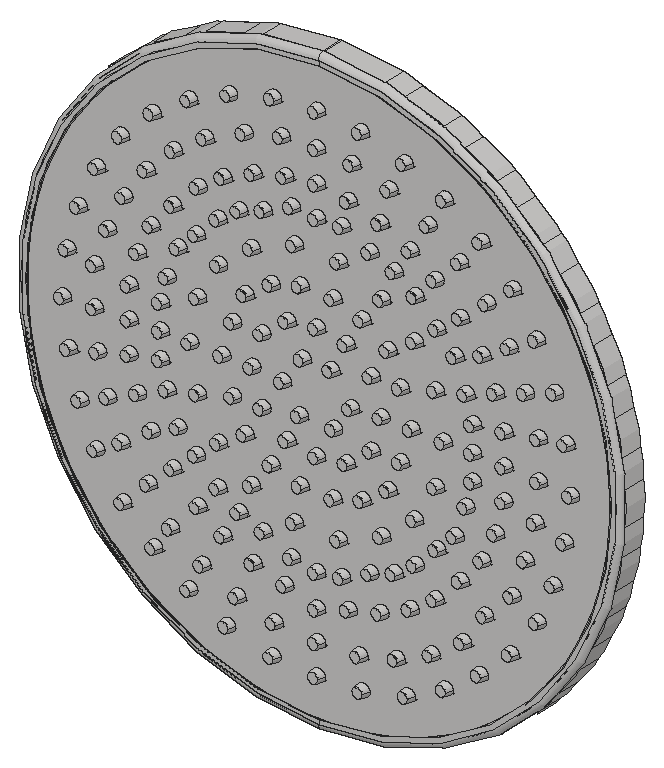
Revit family "51258-bim", category Plumbing Fixtures, host Face, Revit 2014 (continued)
Forms (in)
  Blend 149, solid, material "Metal - Delta - Stainless-Steel" <- "Faucet Material"
    top sketch origin (-1.04891, 0, -3.27898) x (1, 0, 0) y (0, 0, 1)
      loop
        circle (-0.85469, 10.74571) r 0.09774
    from 0.91543 to 1.14378
  Blend 150, solid, material "Metal - Delta - Stainless-Steel" <- "Faucet Material"
    base sketch origin (-1.45963, 0, -3.98996) x (1, 0, 0) y (0, 0, 1)
      loop
        circle (-0.85469, 10.74571) r 0.14299
    top sketch origin (-1.45963, 0, -3.98996) x (1, 0, 0) y (0, 0, 1)
      loop
        circle (-0.85469, 10.74571) r 0.09774
    from 0.91543 to 1.14378
  Blend 151, solid, material "Metal - Delta - Stainless-Steel" <- "Faucet Material"
    base sketch origin (-1.60774, 0, -4.82993) x (1, 0, 0) y (0, 0, 1)
      loop
        circle (-0.85469, 10.74571) r 0.14299
    top sketch origin (-1.60774, 0, -4.82993) x (1, 0, 0) y (0, 0, 1)
      loop
        circle (-0.85469, 10.74571) r 0.09774
    from 0.91543 to 1.14378
  Blend 152, solid, material "Metal - Delta - Stainless-Steel" <- "Faucet Material"
    base sketch origin (-0.98661, 0, -4.82993) x (1, 0, 0) y (0, 0, 1)
      loop
        circle (-0.85469, 10.74571) r 0.14299
    top sketch origin (-0.98661, 0, -4.82993) x (1, 0, 0) y (0, 0, 1)
      loop
        circle (-0.85469, 10.74571) r 0.09774
    from 0.91543 to 1.14378
  Blend 153, solid, material "Metal - Delta - Stainless-Steel" <- "Faucet Material"
    base sketch origin (-0.4017, 0, -4.82993) x (1, 0, 0) y (0, 0, 1)
      loop
        circle (-0.85469, 10.74571) r 0.14299
    top sketch origin (-0.4017, 0, -4.82993) x (1, 0, 0) y (0, 0, 1)
      loop
        circle (-0.85469, 10.74571) r 0.09774
    from 0.91543 to 1.14378
  Blend 154, solid, material "Metal - Delta - Stainless-Steel" <- "Faucet Material"
    base sketch origin (-0.7767, 0, -4.18041) x (1, 0, 0) y (0, 0, 1)
      loop
        circle (-0.85469, 10.74571) r 0.14299
    top sketch origin (-0.7767, 0, -4.18041) x (1, 0, 0) y (0, 0, 1)
      loop
        circle (-0.85469, 10.74571) r 0.09774
    from 0.91543 to 1.14378
  Blend 155, solid, material "Metal - Delta - Stainless-Steel" <- "Faucet Material"
    base sketch origin (-0.20673, 0, -4.18041) x (1, 0, 0) y (0, 0, 1)
      loop
        circle (-0.85469, 10.74571) r 0.14299
    top sketch origin (-0.20673, 0, -4.18041) x (1, 0, 0) y (0, 0, 1)
      loop
        circle (-0.85469, 10.74571) r 0.09774
    from 0.91543 to 1.14378
  Blend 156, solid, material "Metal - Delta - Stainless-Steel" <- "Faucet Material"
    base sketch origin (-0.53593, 0, -3.61022) x (1, 0, 0) y (0, 0, 1)
      loop
        circle (-0.85469, 10.74571) r 0.14299
    top sketch origin (-0.53593, 0, -3.61022) x (1, 0, 0) y (0, 0, 1)
      loop
        circle (-0.85469, 10.74571) r 0.09774
    from 0.91543 to 1.14378
  Blend 157, solid, material "Metal - Delta - Stainless-Steel" <- "Faucet Material"
    base sketch origin (-0.02962, 0, -3.2557) x (1, 0, 0) y (0, 0, 1)
      loop
        circle (-0.85469, 10.74571) r 0.14299
    top sketch origin (-0.02962, 0, -3.2557) x (1, 0, 0) y (0, 0, 1)
      loop
        circle (-0.85469, 10.74571) r 0.09774
    from 0.91543 to 1.14378
  Blend 158, solid, material "Metal - Delta - Stainless-Steel" <- "Faucet Material"
    base sketch origin (0.27941, 0, -3.79096) x (1, 0, 0) y (0, 0, 1)
      loop
        circle (-0.85469, 10.74571) r 0.14299
    top sketch origin (0.27941, 0, -3.79096) x (1, 0, 0) y (0, 0, 1)
      loop
        circle (-0.85469, 10.74571) r 0.09774
    from 0.91543 to 1.14378
  Blend 159, solid, material "Metal - Delta - Stainless-Steel" <- "Faucet Material"
    base sketch origin (0.53593, 0, -3.08619) x (1, 0, 0) y (0, 0, 1)
      loop
        circle (-0.85469, 10.74571) r 0.14299
    top sketch origin (0.53593, 0, -3.08619) x (1, 0, 0) y (0, 0, 1)
      loop
        circle (-0.85469, 10.74571) r 0.09774
    from 0.91543 to 1.14378
  Blend 160, solid, material "Metal - Delta - Stainless-Steel" <- "Faucet Material"
    base sketch origin (0.85469, 0, -3.70729) x (1, 0, 0) y (0, 0, 1)
      loop
        circle (-0.85469, 10.74571) r 0.14299
    top sketch origin (0.85469, 0, -3.70729) x (1, 0, 0) y (0, 0, 1)
      loop
        circle (-0.85469, 10.74571) r 0.09774
    from 0.91543 to 1.14378
  Blend 161, solid, material "Metal - Delta - Stainless-Steel" <- "Faucet Material"
    base sketch origin (0.42314, 0, 14.24067) x (1, 0, 0) y (0, 0, 1)
      loop
        circle (-0.85469, -10.74571) r 0.14299
    top sketch origin (0.42314, 0, 14.24067) x (1, 0, 0) y (0, 0, 1)
      loop
        circle (-0.85469, -10.74571) r 0.09774
    from 0.91543 to 1.14378
  Blend 162, solid, material "Metal - Delta - Stainless-Steel" <- "Faucet Material"
    base sketch origin (-0.41301, 0, 14.5956) x (1, 0, 0) y (0, 0, 1)
      loop
        circle (-0.85469, -10.74571) r 0.14299
    top sketch origin (-0.41301, 0, 14.5956) x (1, 0, 0) y (0, 0, 1)
      loop
        circle (-0.85469, -10.74571) r 0.09774
    from 0.91543 to 1.14378
  Blend 163, solid, material "Metal - Delta - Stainless-Steel" <- "Faucet Material"
    base sketch origin (-1.04891, 0, 15.11054) x (1, 0, 0) y (0, 0, 1)
      loop
        circle (-0.85469, -10.74571) r 0.14299
    top sketch origin (-1.04891, 0, 15.11054) x (1, 0, 0) y (0, 0, 1)
      loop
        circle (-0.85469, -10.74571) r 0.09774
    from 0.91543 to 1.14378
  Blend 164, solid, material "Metal - Delta - Stainless-Steel" <- "Faucet Material"
    base sketch origin (-1.45963, 0, 15.82152) x (1, 0, 0) y (0, 0, 1)
      loop
        circle (-0.85469, -10.74571) r 0.14299
    top sketch origin (-1.45963, 0, 15.82152) x (1, 0, 0) y (0, 0, 1)
      loop
        circle (-0.85469, -10.74571) r 0.09774
    from 0.91543 to 1.14378
  Blend 165, solid, material "Metal - Delta - Stainless-Steel" <- "Faucet Material"
    base sketch origin (-0.7767, 0, 16.01197) x (1, 0, 0) y (0, 0, 1)
      loop
        circle (-0.85469, -10.74571) r 0.14299
    top sketch origin (-0.7767, 0, 16.01197) x (1, 0, 0) y (0, 0, 1)
      loop
        circle (-0.85469, -10.74571) r 0.09774
    from 0.91543 to 1.14378
  Blend 166, solid, material "Metal - Delta - Stainless-Steel" <- "Faucet Material"
    base sketch origin (-0.20673, 0, 16.01197) x (1, 0, 0) y (0, 0, 1)
      loop
        circle (-0.85469, -10.74571) r 0.14299
    top sketch origin (-0.20673, 0, 16.01197) x (1, 0, 0) y (0, 0, 1)
      loop
        circle (-0.85469, -10.74571) r 0.09774
    from 0.91543 to 1.14378
  Blend 167, solid, material "Metal - Delta - Stainless-Steel" <- "Faucet Material"
    base sketch origin (-0.53593, 0, 15.44178) x (1, 0, 0) y (0, 0, 1)
      loop
        circle (-0.85469, -10.74571) r 0.14299
    top sketch origin (-0.53593, 0, 15.44178) x (1, 0, 0) y (0, 0, 1)
      loop
        circle (-0.85469, -10.74571) r 0.09774
    from 0.91543 to 1.14378
  Blend 168, solid, material "Metal - Delta - Stainless-Steel" <- "Faucet Material"
    base sketch origin (-0.02962, 0, 15.08726) x (1, 0, 0) y (0, 0, 1)
      loop
        circle (-0.85469, -10.74571) r 0.14299
    top sketch origin (-0.02962, 0, 15.08726) x (1, 0, 0) y (0, 0, 1)
      loop
        circle (-0.85469, -10.74571) r 0.09774
    from 0.91543 to 1.14378
  Blend 169, solid, material "Metal - Delta - Stainless-Steel" <- "Faucet Material"
    base sketch origin (0.27941, 0, 15.62252) x (1, 0, 0) y (0, 0, 1)
      loop
        circle (-0.85469, -10.74571) r 0.14299
    top sketch origin (0.27941, 0, 15.62252) x (1, 0, 0) y (0, 0, 1)
      loop
        circle (-0.85469, -10.74571) r 0.09774
    from 0.91543 to 1.14378
  Blend 170, solid, material "Metal - Delta - Stainless-Steel" <- "Faucet Material"
    base sketch origin (0.53593, 0, 14.91776) x (1, 0, 0) y (0, 0, 1)
      loop
        circle (-0.85469, -10.74571) r 0.14299
    top sketch origin (0.53593, 0, 14.91776) x (1, 0, 0) y (0, 0, 1)
      loop
        circle (-0.85469, -10.74571) r 0.09774
    from 0.91543 to 1.14378
  Blend 171, solid, material "Metal - Delta - Stainless-Steel" <- "Faucet Material"
    base sketch origin (0.85469, 0, 15.53885) x (1, 0, 0) y (0, 0, 1)
      loop
        circle (-0.85469, -10.74571) r 0.14299
    top sketch origin (0.85469, 0, 15.53885) x (1, 0, 0) y (0, 0, 1)
      loop
        circle (-0.85469, -10.74571) r 0.09774
    from 0.91543 to 1.14378
  Revolve 172, solid, material "Metal - Delta - Stainless-Steel" <- "Faucet Material"
    sketch origin (0, 0, 0) x (0, 1, 0) y (0, 0, -1)
      loop
        line (-0.45086, -11.78051) -> (-0.45086, -11.72105) -> (-0.88741, -11.72105)
        arc (-0.88741, -11.72105) -> (-0.92671, -11.70477) -> (-0.94299, -11.66546) r 0.05558
        line (-0.94299, -11.66546) -> (-0.94299, -11.57038) -> (-1.00205, -11.57038) -> (-1.00205, -11.66141)
        arc (-1.00205, -11.66141) -> (-0.96716, -11.74563) -> (-0.88294, -11.78051) r 0.1191
        line (-0.88294, -11.78051) -> (-0.45086, -11.78051)
      loop
        line (-0.42566, -6.62303) -> (0.30908, -6.62303)
        arc (0.30908, -6.62303) -> (0.32905, -6.61476) -> (0.33732, -6.59478) r 0.02825
        line (0.33732, -6.59478) -> (0.33732, -6.27476)
        arc (0.33732, -6.27476) -> (0.37524, -6.24811) -> (0.40877, -6.21611) r 0.31046
        line (0.40877, -6.21611) -> (0.51843, -6.21611) -> (0.51843, -6.28441)
        arc (0.51843, -6.28441) -> (0.53452, -6.32327) -> (0.57338, -6.33936) r 0.05495
        line (0.57338, -6.33936) -> (1.20376, -6.33936)
        arc (1.20376, -6.33936) -> (1.22026, -6.33253) -> (1.22709, -6.31603) r 0.02333
        line (1.22709, -6.31603) -> (1.22709, -6.03268) -> (0.57614, -6.03268) -> (0.57614, -5.875) -> (-0.42566, -5.875) -> (-0.42566, -6.62303)
      axis (-1.00205, -5.875) -> (1.22709, -5.875)
    angle from 0 to 360
  Blend 173, solid, material "Metal - Delta - Stainless-Steel" <- "Faucet Material"
    base sketch origin (-0.42314, 0, -2.40911) x (-1, 0, 0) y (0, 0, -1)
      loop
        circle (-0.85469, -10.74571) r 0.14299
    top sketch origin (-0.42314, 0, -2.40911) x (-1, 0, 0) y (0, 0, -1)
      loop
        circle (-0.85469, -10.74571) r 0.09774
    from 0.91543 to 1.14378
  Blend 174, solid, material "Metal - Delta - Stainless-Steel" <- "Faucet Material"
    base sketch origin (0.41301, 0, -2.76404) x (-1, 0, 0) y (0, 0, -1)
      loop
        circle (-0.85469, -10.74571) r 0.14299
    top sketch origin (0.41301, 0, -2.76404) x (-1, 0, 0) y (0, 0, -1)
      loop
        circle (-0.85469, -10.74571) r 0.09774
    from 0.91543 to 1.14378
  Blend 175, solid, material "Metal - Delta - Stainless-Steel" <- "Faucet Material"
    base sketch origin (1.04891, 0, -3.27898) x (-1, 0, 0) y (0, 0, -1)
      loop
        circle (-0.85469, -10.74571) r 0.14299
    top sketch origin (1.04891, 0, -3.27898) x (-1, 0, 0) y (0, 0, -1)
      loop
        circle (-0.85469, -10.74571) r 0.09774
    from 0.91543 to 1.14378
  Blend 176, solid, material "Metal - Delta - Stainless-Steel" <- "Faucet Material"
    base sketch origin (1.45963, 0, -3.98996) x (-1, 0, 0) y (0, 0, -1)
      loop
        circle (-0.85469, -10.74571) r 0.14299
    top sketch origin (1.45963, 0, -3.98996) x (-1, 0, 0) y (0, 0, -1)
      loop
        circle (-0.85469, -10.74571) r 0.09774
    from 0.91543 to 1.14378
  Blend 177, solid, material "Metal - Delta - Stainless-Steel" <- "Faucet Material"
    base sketch origin (1.60774, 0, -4.82993) x (-1, 0, 0) y (0, 0, -1)
      loop
        circle (-0.85469, -10.74571) r 0.14299
    top sketch origin (1.60774, 0, -4.82993) x (-1, 0, 0) y (0, 0, -1)
      loop
        circle (-0.85469, -10.74571) r 0.09774
    from 0.91543 to 1.14378
  Blend 178, solid, material "Metal - Delta - Stainless-Steel" <- "Faucet Material"
    base sketch origin (0.98661, 0, -4.82993) x (-1, 0, 0) y (0, 0, -1)
      loop
        circle (-0.85469, -10.74571) r 0.14299
    top sketch origin (0.98661, 0, -4.82993) x (-1, 0, 0) y (0, 0, -1)
      loop
        circle (-0.85469, -10.74571) r 0.09774
    from 0.91543 to 1.14378
  Blend 179, solid, material "Metal - Delta - Stainless-Steel" <- "Faucet Material"
    base sketch origin (0.4017, 0, -4.82993) x (-1, 0, 0) y (0, 0, -1)
      loop
        circle (-0.85469, -10.74571) r 0.14299
    top sketch origin (0.4017, 0, -4.82993) x (-1, 0, 0) y (0, 0, -1)
      loop
        circle (-0.85469, -10.74571) r 0.09774
    from 0.91543 to 1.14378
  Blend 180, solid, material "Metal - Delta - Stainless-Steel" <- "Faucet Material"
    base sketch origin (0.7767, 0, -4.18041) x (-1, 0, 0) y (0, 0, -1)
      loop
        circle (-0.85469, -10.74571) r 0.14299
    top sketch origin (0.7767, 0, -4.18041) x (-1, 0, 0) y (0, 0, -1)
      loop
        circle (-0.85469, -10.74571) r 0.09774
    from 0.91543 to 1.14378
  Blend 181, solid, material "Metal - Delta - Stainless-Steel" <- "Faucet Material"
    base sketch origin (0.20673, 0, -4.18041) x (-1, 0, 0) y (0, 0, -1)
      loop
        circle (-0.85469, -10.74571) r 0.14299
    top sketch origin (0.20673, 0, -4.18041) x (-1, 0, 0) y (0, 0, -1)
      loop
        circle (-0.85469, -10.74571) r 0.09774
    from 0.91543 to 1.14378
  Blend 182, solid, material "Metal - Delta - Stainless-Steel" <- "Faucet Material"
    base sketch origin (0.53593, 0, -3.61022) x (-1, 0, 0) y (0, 0, -1)
      loop
        circle (-0.85469, -10.74571) r 0.14299
    top sketch origin (0.53593, 0, -3.61022) x (-1, 0, 0) y (0, 0, -1)
      loop
        circle (-0.85469, -10.74571) r 0.09774
    from 0.91543 to 1.14378
  Blend 183, solid, material "Metal - Delta - Stainless-Steel" <- "Faucet Material"
    base sketch origin (0.02962, 0, -3.2557) x (-1, 0, 0) y (0, 0, -1)
      loop
        circle (-0.85469, -10.74571) r 0.14299
    top sketch origin (0.02962, 0, -3.2557) x (-1, 0, 0) y (0, 0, -1)
      loop
        circle (-0.85469, -10.74571) r 0.09774
    from 0.91543 to 1.14378
  Blend 184, solid, material "Metal - Delta - Stainless-Steel" <- "Faucet Material"
    base sketch origin (-0.27941, 0, -3.79096) x (-1, 0, 0) y (0, 0, -1)
      loop
        circle (-0.85469, -10.74571) r 0.14299
    top sketch origin (-0.27941, 0, -3.79096) x (-1, 0, 0) y (0, 0, -1)
      loop
        circle (-0.85469, -10.74571) r 0.09774
    from 0.91543 to 1.14378
  Blend 185, solid, material "Metal - Delta - Stainless-Steel" <- "Faucet Material"
    base sketch origin (-0.53593, 0, -3.08619) x (-1, 0, 0) y (0, 0, -1)
      loop
        circle (-0.85469, -10.74571) r 0.14299
    top sketch origin (-0.53593, 0, -3.08619) x (-1, 0, 0) y (0, 0, -1)
      loop
        circle (-0.85469, -10.74571) r 0.09774
    from 0.91543 to 1.14378
  Blend 186, solid, material "Metal - Delta - Stainless-Steel" <- "Faucet Material"
    base sketch origin (-0.42314, 0, 14.24067) x (-1, 0, 0) y (0, 0, -1)
      loop
        circle (-0.85469, 10.74571) r 0.14299
    top sketch origin (-0.42314, 0, 14.24067) x (-1, 0, 0) y (0, 0, -1)
      loop
        circle (-0.85469, 10.74571) r 0.09774
    from 0.91543 to 1.14378
  Blend 187, solid, material "Metal - Delta - Stainless-Steel" <- "Faucet Material"
    base sketch origin (0.41301, 0, 14.5956) x (-1, 0, 0) y (0, 0, -1)
      loop
        circle (-0.85469, 10.74571) r 0.14299
    top sketch origin (0.41301, 0, 14.5956) x (-1, 0, 0) y (0, 0, -1)
      loop
        circle (-0.85469, 10.74571) r 0.09774
    from 0.91543 to 1.14378
  Blend 188, solid, material "Metal - Delta - Stainless-Steel" <- "Faucet Material"
    base sketch origin (1.04891, 0, 15.11054) x (-1, 0, 0) y (0, 0, -1)
      loop
        circle (-0.85469, 10.74571) r 0.14299
    top sketch origin (1.04891, 0, 15.11054) x (-1, 0, 0) y (0, 0, -1)
      loop
        circle (-0.85469, 10.74571) r 0.09774
    from 0.91543 to 1.14378
  Blend 189, solid, material "Metal - Delta - Stainless-Steel" <- "Faucet Material"
    base sketch origin (1.45963, 0, 15.82152) x (-1, 0, 0) y (0, 0, -1)
      loop
        circle (-0.85469, 10.74571) r 0.14299
    top sketch origin (1.45963, 0, 15.82152) x (-1, 0, 0) y (0, 0, -1)
      loop
        circle (-0.85469, 10.74571) r 0.09774
    from 0.91543 to 1.14378
  Blend 190, solid, material "Metal - Delta - Stainless-Steel" <- "Faucet Material"
    base sketch origin (0.7767, 0, 16.01197) x (-1, 0, 0) y (0, 0, -1)
      loop
        circle (-0.85469, 10.74571) r 0.14299
    top sketch origin (0.7767, 0, 16.01197) x (-1, 0, 0) y (0, 0, -1)
      loop
        circle (-0.85469, 10.74571) r 0.09774
    from 0.91543 to 1.14378
  Blend 191, solid, material "Metal - Delta - Stainless-Steel" <- "Faucet Material"
    base sketch origin (0.20673, 0, 16.01197) x (-1, 0, 0) y (0, 0, -1)
      loop
        circle (-0.85469, 10.74571) r 0.14299
    top sketch origin (0.20673, 0, 16.01197) x (-1, 0, 0) y (0, 0, -1)
      loop
        circle (-0.85469, 10.74571) r 0.09774
    from 0.91543 to 1.14378
  Blend 192, solid, material "Metal - Delta - Stainless-Steel" <- "Faucet Material"
    base sketch origin (0.53593, 0, 15.44178) x (-1, 0, 0) y (0, 0, -1)
      loop
        circle (-0.85469, 10.74571) r 0.14299
    top sketch origin (0.53593, 0, 15.44178) x (-1, 0, 0) y (0, 0, -1)
      loop
        circle (-0.85469, 10.74571) r 0.09774
    from 0.91543 to 1.14378
  Blend 193, solid, material "Metal - Delta - Stainless-Steel" <- "Faucet Material"
    base sketch origin (0.02962, 0, 15.08726) x (-1, 0, 0) y (0, 0, -1)
      loop
        circle (-0.85469, 10.74571) r 0.14299
    top sketch origin (0.02962, 0, 15.08726) x (-1, 0, 0) y (0, 0, -1)
      loop
        circle (-0.85469, 10.74571) r 0.09774
    from 0.91543 to 1.14378
  Blend 194, solid, material "Metal - Delta - Stainless-Steel" <- "Faucet Material"
    base sketch origin (-0.27941, 0, 15.62252) x (-1, 0, 0) y (0, 0, -1)
      loop
        circle (-0.85469, 10.74571) r 0.14299
    top sketch origin (-0.27941, 0, 15.62252) x (-1, 0, 0) y (0, 0, -1)
      loop
        circle (-0.85469, 10.74571) r 0.09774
    from 0.91543 to 1.14378
  Blend 195, solid, material "Metal - Delta - Stainless-Steel" <- "Faucet Material"
    base sketch origin (-0.53593, 0, 14.91776) x (-1, 0, 0) y (0, 0, -1)
      loop
        circle (-0.85469, 10.74571) r 0.14299
    top sketch origin (-0.53593, 0, 14.91776) x (-1, 0, 0) y (0, 0, -1)
      loop
        circle (-0.85469, 10.74571) r 0.09774
    from 0.91543 to 1.14378
  Blend 196, solid, material "Metal - Delta - Stainless-Steel" <- "Faucet Material"
    base sketch origin (0.57487, 0, -4.34664) x (1, 0, 0) y (0, 0, 1)
      loop
        circle (-0.85469, 10.74571) r 0.14299
    top sketch origin (0.57487, 0, -4.34664) x (1, 0, 0) y (0, 0, 1)
      loop
        circle (-0.85469, 10.74571) r 0.09774
    from 0.91543 to 1.14378
  Blend 197, solid, material "Metal - Delta - Stainless-Steel" <- "Faucet Material"
    base sketch origin (0.18899, 0, -4.87776) x (1, 0, 0) y (0, 0, 1)
      loop
        circle (-0.85469, 10.74571) r 0.14299
    top sketch origin (0.18899, 0, -4.87776) x (1, 0, 0) y (0, 0, 1)
      loop
        circle (-0.85469, 10.74571) r 0.09774
    from 0.91543 to 1.14378
  Blend 198, solid, material "Metal - Delta - Stainless-Steel" <- "Faucet Material"
    base sketch origin (0.5212, 0, -5.35221) x (1, 0, 0) y (0, 0, 1)
      loop
        circle (-0.85469, 10.74571) r 0.14299
    top sketch origin (0.5212, 0, -5.35221) x (1, 0, 0) y (0, 0, 1)
      loop
        circle (-0.85469, 10.74571) r 0.09774
    from 0.91543 to 1.14378
  Blend 199, solid, material "Metal - Delta - Stainless-Steel" <- "Faucet Material"
    base sketch origin (-0.57487, 0, -4.34664) x (-1, 0, 0) y (0, 0, -1)
      loop
        circle (-0.85469, -10.74571) r 0.14299
    top sketch origin (-0.57487, 0, -4.34664) x (-1, 0, 0) y (0, 0, -1)
      loop
        circle (-0.85469, -10.74571) r 0.09774
    from 0.91543 to 1.14378
  Blend 200, solid, material "Metal - Delta - Stainless-Steel" <- "Faucet Material"
    base sketch origin (-0.18899, 0, -4.87776) x (-1, 0, 0) y (0, 0, -1)
      loop
        circle (-0.85469, -10.74571) r 0.14299
    top sketch origin (-0.18899, 0, -4.87776) x (-1, 0, 0) y (0, 0, -1)
      loop
        circle (-0.85469, -10.74571) r 0.09774
    from 0.91543 to 1.14378
  Blend 201, solid, material "Metal - Delta - Stainless-Steel" <- "Faucet Material"
    base sketch origin (-0.5212, 0, -5.35221) x (-1, 0, 0) y (0, 0, -1)
      loop
        circle (-0.85469, -10.74571) r 0.14299
    top sketch origin (-0.5212, 0, -5.35221) x (-1, 0, 0) y (0, 0, -1)
      loop
        circle (-0.85469, -10.74571) r 0.09774
    from 0.91543 to 1.14378
Dimensions and locks (in)
  equal spacing: plane 4, plane 1 "Center (Front/Back)", plane 5
  "Depth": plane 4 to plane 5
  "Height": plane 6 to plane 2
  equal spacing: plane 8, plane 3 "Center (Left/Right)", plane 9
  "Width": plane 8 to plane 9
  aligned and locked: plane 2 to host face
  aligned and locked: level to host face
Automatic sketch dimensions
  host sketch curve to host sketch curve = 96"  (x2)
  plane 5 to Revolve 1 sketch curve = 0.20108"
  Revolve 1 sketch curve to Revolve 1 sketch curve = 0.05906"
  Revolve 1 sketch curve to Revolve 1 sketch curve = 0.05558"
  Revolve 1 sketch curve to Revolve 1 sketch curve = 0.00446"
  plane 6 to Revolve 1 sketch curve = 0.07583"
  Revolve 1 sketch curve to Revolve 1 sketch curve = 0.43208"
  plane 1 "Center (Front/Back)" to Revolve 1 sketch curve = 0.42566"
  Revolve 1 sketch curve to plane 1 "Center (Front/Back)" = 0.17828"
  Revolve 1 sketch curve to plane 1 "Center (Front/Back)" = 0.30908"
  Revolve 1 sketch curve to Revolve 1 sketch curve = 0.02825"
  Revolve 1 sketch curve to Revolve 1 sketch curve = 0.07145"
  Revolve 1 sketch curve to Revolve 1 sketch curve = 0.10965"
  Revolve 1 sketch curve to Revolve 1 sketch curve = 0.05495"
  Revolve 1 sketch curve to Revolve 1 sketch curve = 0.05771"
  plane 4 to Revolve 1 sketch curve = 0.00064"
  plane 4 to Revolve 1 sketch curve = 0.02396"
  Revolve 1 sketch curve to Revolve 1 sketch curve = 0.00405"
  Revolve 1 sketch curve to Revolve 1 sketch curve = 0.09508"
  Revolve 1 sketch curve to Revolve 1 sketch curve = 4.94735"
  Revolve 1 sketch curve to Revolve 1 sketch curve = 0.25542"
  Revolve 1 sketch curve to Revolve 1 sketch curve = 0.00965"
  Revolve 1 sketch curve to Revolve 1 sketch curve = 0.0683"
  Revolve 1 sketch curve to Revolve 1 sketch curve = 0.18344"
  Revolve 1 sketch curve to Revolve 1 sketch curve = 0.13314"  (x2)
  Revolve 1 sketch curve to plane 1 "Center (Front/Back)" = 0.02137"
  Revolve 1 sketch curve to Revolve 1 sketch curve = 0.01812"
  Extrusion 2 sketch curve to plane 3 "Center (Left/Right)" = 0"
  level to Extrusion 2 sketch curve = 5 7/8"
  Blend 3 sketch curve to plane 3 "Center (Left/Right)" = 0.85469"  (x2)
  plane 6 to Blend 3 sketch curve = 1.05117"  (x2)
  Blend 4 sketch curve to plane 3 "Center (Left/Right)" = 0"  (x2)
  plane 6 to Blend 4 sketch curve = 0.97639"  (x2)
  Blend 5 sketch curve to plane 3 "Center (Left/Right)" = 1.70675"  (x2)
  plane 6 to Blend 5 sketch curve = 1.29213"  (x2)
  Blend 6 sketch curve to plane 3 "Center (Left/Right)" = 2.48447"  (x2)
  plane 6 to Blend 6 sketch curve = 1.65478"  (x2)
  plane 8 to Blend 7 sketch curve = 2.72143"  (x2)
  plane 6 to Blend 7 sketch curve = 2.13772"  (x2)
  plane 8 to Blend 8 sketch curve = 2.10746"  (x2)
  plane 6 to Blend 8 sketch curve = 2.75169"  (x2)
  plane 8 to Blend 9 sketch curve = 1.64375"  (x2)
  plane 6 to Blend 9 sketch curve = 3.46574"  (x2)
  plane 8 to Blend 10 sketch curve = 1.2876"  (x2)
  plane 6 to Blend 10 sketch curve = 4.26566"  (x2)
  plane 8 to Blend 11 sketch curve = 1.06806"  (x2)
  plane 6 to Blend 11 sketch curve = 5.08499"  (x2)
  plane 8 to Blend 12 sketch curve = 0.97695"  (x2)
  level to Blend 12 sketch curve = 5.84506"  (x2)
  plane 8 to Blend 13 sketch curve = 1.09777"  (x2)
  level to Blend 13 sketch curve = 4.9854"  (x2)
  plane 8 to Blend 14 sketch curve = 1.31834"  (x2)
  level to Blend 14 sketch curve = 4.16222"  (x2)
  plane 8 to Blend 15 sketch curve = 1.62911"  (x2)
  level to Blend 15 sketch curve = 3.41003"  (x2)
  plane 8 to Blend 16 sketch curve = 2.15304"  (x2)
  level to Blend 16 sketch curve = 2.67066"  (x2)
  plane 8 to Blend 17 sketch curve = 2.75594"  (x2)
  level to Blend 17 sketch curve = 2.09849"  (x2)
  Blend 18 sketch curve to plane 3 "Center (Left/Right)" = 2.4841"  (x2)
  level to Blend 18 sketch curve = 1.60415"  (x2)
  Blend 19 sketch curve to plane 3 "Center (Left/Right)" = 1.74696"  (x2)
  level to Blend 19 sketch curve = 1.22785"  (x2)
  Blend 20 sketch curve to plane 3 "Center (Left/Right)" = 0.86659"  (x2)
  level to Blend 20 sketch curve = 1.00405"  (x2)
  Blend 21 sketch curve to plane 3 "Center (Left/Right)" = 0"  (x2)
  plane 6 to Blend 21 sketch curve = 1.63391"  (x2)
  Blend 22 sketch curve to plane 3 "Center (Left/Right)" = 0"  (x2)
  plane 6 to Blend 22 sketch curve = 2.24987"  (x2)
  Blend 23 sketch curve to plane 3 "Center (Left/Right)" = 0"  (x2)
  plane 6 to Blend 23 sketch curve = 2.85151"  (x2)
  Blend 24 sketch curve to plane 3 "Center (Left/Right)" = 0.6861"  (x2)
  plane 6 to Blend 24 sketch curve = 1.66315"  (x2)
  Blend 25 sketch curve to plane 3 "Center (Left/Right)" = 1.41055"  (x2)
  plane 6 to Blend 25 sketch curve = 1.85727"  (x2)
  Blend 26 sketch curve to plane 3 "Center (Left/Right)" = 2.17144"  (x2)
  plane 6 to Blend 26 sketch curve = 2.21208"  (x2)
  Blend 27 sketch curve to plane 3 "Center (Left/Right)" = 2.7858"  (x2)
  plane 6 to Blend 27 sketch curve = 2.64226"  (x2)
  plane 8 to Blend 28 sketch curve = 2.60575"  (x2)
  plane 6 to Blend 28 sketch curve = 3.17259"  (x2)
  plane 8 to Blend 29 sketch curve = 2.17556"  (x2)
  plane 6 to Blend 29 sketch curve = 3.78695"  (x2)
  plane 8 to Blend 30 sketch curve = 1.8586"  (x2)
  plane 6 to Blend 30 sketch curve = 4.46668"  (x2)
  plane 8 to Blend 31 sketch curve = 1.60208"  (x2)
  plane 6 to Blend 31 sketch curve = 5.17145"  (x2)
  plane 8 to Blend 32 sketch curve = 1.60208"  (x2)
  level to Blend 32 sketch curve = 5.87542"  (x2)
  plane 8 to Blend 33 sketch curve = 1.66745"  (x2)
  level to Blend 33 sketch curve = 5.12828"  (x2)
  plane 8 to Blend 34 sketch curve = 1.86157"  (x2)
  level to Blend 34 sketch curve = 4.40383"  (x2)
  plane 8 to Blend 35 sketch curve = 2.11808"  (x2)
  level to Blend 35 sketch curve = 3.69906"  (x2)
  plane 8 to Blend 36 sketch curve = 2.64841"  (x2)
  level to Blend 36 sketch curve = 3.16873"  (x2)
  Blend 37 sketch curve to plane 3 "Center (Left/Right)" = 2.84328"  (x2)
  level to Blend 37 sketch curve = 2.55437"  (x2)
  Blend 38 sketch curve to plane 3 "Center (Left/Right)" = 2.22892"  (x2)
  level to Blend 38 sketch curve = 2.12419"  (x2)
  Blend 39 sketch curve to plane 3 "Center (Left/Right)" = 1.54919"  (x2)
  level to Blend 39 sketch curve = 1.80722"  (x2)
  Blend 40 sketch curve to plane 3 "Center (Left/Right)" = 0.82474"  (x2)
  level to Blend 40 sketch curve = 1.61311"  (x2)
  Blend 41 sketch curve to plane 3 "Center (Left/Right)" = 0.61712"  (x2)
  plane 6 to Blend 41 sketch curve = 2.3355"  (x2)
  Blend 42 sketch curve to plane 3 "Center (Left/Right)" = 1.23479"  (x2)
  plane 6 to Blend 42 sketch curve = 2.50101"  (x2)
  Blend 43 sketch curve to plane 3 "Center (Left/Right)" = 1.82027"  (x2)
  plane 6 to Blend 43 sketch curve = 2.77402"  (x2)
  Blend 44 sketch curve to plane 3 "Center (Left/Right)" = 2.30551"  (x2)
  plane 6 to Blend 44 sketch curve = 3.11379"  (x2)
  Blend 45 sketch curve to plane 3 "Center (Left/Right)" = 2.79581"  (x2)
  plane 6 to Blend 45 sketch curve = 3.60409"  (x2)
  plane 8 to Blend 46 sketch curve = 2.70341"  (x2)
  plane 6 to Blend 46 sketch curve = 4.10779"  (x2)
  plane 8 to Blend 47 sketch curve = 2.44155"  (x2)
  plane 6 to Blend 47 sketch curve = 4.66934"  (x2)
  plane 8 to Blend 48 sketch curve = 2.2751"  (x2)
  plane 6 to Blend 48 sketch curve = 5.29054"  (x2)
  plane 8 to Blend 49 sketch curve = 2.2751"  (x2)
  plane 6 to Blend 49 sketch curve = 5.89793"  (x2)
  plane 3 "Center (Left/Right)" to Blend 50 sketch curve = 0.61712"  (x2)
  Blend 50 sketch curve to level = 2.33652"  (x2)
  plane 3 "Center (Left/Right)" to Blend 51 sketch curve = 1.23479"  (x2)
  Blend 51 sketch curve to level = 2.50203"  (x2)
  plane 3 "Center (Left/Right)" to Blend 52 sketch curve = 1.82027"  (x2)
  Blend 52 sketch curve to level = 2.77504"  (x2)
  plane 3 "Center (Left/Right)" to Blend 53 sketch curve = 2.30551"  (x2)
  Blend 53 sketch curve to level = 3.11481"  (x2)
  plane 3 "Center (Left/Right)" to Blend 54 sketch curve = 2.79581"  (x2)
  Blend 54 sketch curve to level = 3.60511"  (x2)
  Blend 55 sketch curve to plane 8 = 2.70341"  (x2)
  Blend 55 sketch curve to level = 4.10881"  (x2)
  Blend 56 sketch curve to plane 8 = 2.44155"  (x2)
  Blend 56 sketch curve to level = 4.67036"  (x2)
  Blend 57 sketch curve to plane 8 = 2.2751"  (x2)
  Blend 57 sketch curve to level = 5.29156"  (x2)
  Blend 58 sketch curve to plane 3 "Center (Left/Right)" = 0.48771"  (x2)
  plane 6 to Blend 58 sketch curve = 2.81847"  (x2)
  Blend 59 sketch curve to plane 3 "Center (Left/Right)" = 1.03883"  (x2)
  plane 6 to Blend 59 sketch curve = 3.07546"  (x2)
  Blend 60 sketch curve to plane 3 "Center (Left/Right)" = 1.50868"  (x2)
  plane 6 to Blend 60 sketch curve = 3.24647"  (x2)
  Blend 61 sketch curve to plane 3 "Center (Left/Right)" = 1.91826"  (x2)
  plane 6 to Blend 61 sketch curve = 3.53326"  (x2)
  Blend 62 sketch curve to plane 3 "Center (Left/Right)" = 2.34035"  (x2)
  plane 6 to Blend 62 sketch curve = 3.95535"  (x2)
  Blend 63 sketch curve to plane 3 "Center (Left/Right)" = 2.6939"  (x2)
  plane 6 to Blend 63 sketch curve = 4.3089"  (x2)
  Blend 64 sketch curve to plane 3 "Center (Left/Right)" = 2.90662"  (x2)
  plane 6 to Blend 64 sketch curve = 4.89333"  (x2)
  plane 8 to Blend 65 sketch curve = 2.88585"  (x2)
  plane 6 to Blend 65 sketch curve = 5.3763"  (x2)
  plane 8 to Blend 66 sketch curve = 2.88585"  (x2)
  plane 6 to Blend 66 sketch curve = 5.8763"  (x2)
  plane 3 "Center (Left/Right)" to Blend 67 sketch curve = 0.48771"  (x2)
  Blend 67 sketch curve to level = 2.86275"  (x2)
  plane 3 "Center (Left/Right)" to Blend 68 sketch curve = 1.03883"  (x2)
  Blend 68 sketch curve to level = 3.11974"  (x2)
  plane 3 "Center (Left/Right)" to Blend 69 sketch curve = 1.50868"  (x2)
  Blend 69 sketch curve to level = 3.29075"  (x2)
  plane 3 "Center (Left/Right)" to Blend 70 sketch curve = 1.91826"  (x2)
  Blend 70 sketch curve to level = 3.57754"  (x2)
  plane 3 "Center (Left/Right)" to Blend 71 sketch curve = 2.34035"  (x2)
  Blend 71 sketch curve to level = 3.99963"  (x2)
  plane 3 "Center (Left/Right)" to Blend 72 sketch curve = 2.6939"  (x2)
  Blend 72 sketch curve to level = 4.35318"  (x2)
  plane 3 "Center (Left/Right)" to Blend 73 sketch curve = 2.90662"  (x2)
  Blend 73 sketch curve to level = 4.93762"  (x2)
  Blend 74 sketch curve to plane 8 = 2.88585"  (x2)
  Blend 74 sketch curve to level = 5.42058"  (x2)
  Blend 75 sketch curve to plane 3 "Center (Left/Right)" = 0.85469"  (x2)
  Blend 75 sketch curve to plane 6 = 1.05117"  (x2)
  Blend 76 sketch curve to plane 3 "Center (Left/Right)" = 1.70675"  (x2)
  Blend 76 sketch curve to plane 6 = 1.29213"  (x2)
  Blend 77 sketch curve to plane 3 "Center (Left/Right)" = 2.48447"  (x2)
  Blend 77 sketch curve to plane 6 = 1.65478"  (x2)
  plane 9 to Blend 78 sketch curve = 2.72143"  (x2)
  Blend 78 sketch curve to plane 6 = 2.13772"  (x2)
  plane 9 to Blend 79 sketch curve = 2.10746"  (x2)
  Blend 79 sketch curve to plane 6 = 2.75169"  (x2)
  plane 9 to Blend 80 sketch curve = 1.64375"  (x2)
  Blend 80 sketch curve to plane 6 = 3.46574"  (x2)
  plane 9 to Blend 81 sketch curve = 1.2876"  (x2)
  Blend 81 sketch curve to plane 6 = 4.26566"  (x2)
  plane 9 to Blend 82 sketch curve = 1.06806"  (x2)
  Blend 82 sketch curve to plane 6 = 5.08499"  (x2)
  plane 9 to Blend 83 sketch curve = 0.97695"  (x2)
  Blend 83 sketch curve to level = 5.84506"  (x2)
  plane 9 to Blend 84 sketch curve = 1.09777"  (x2)
  Blend 84 sketch curve to level = 4.9854"  (x2)
  plane 9 to Blend 85 sketch curve = 1.31834"  (x2)
  Blend 85 sketch curve to level = 4.16222"  (x2)
  plane 9 to Blend 86 sketch curve = 1.62911"  (x2)
  Blend 86 sketch curve to level = 3.41003"  (x2)
  plane 9 to Blend 87 sketch curve = 2.15304"  (x2)
  Blend 87 sketch curve to level = 2.67066"  (x2)
  plane 9 to Blend 88 sketch curve = 2.75594"  (x2)
  Blend 88 sketch curve to level = 2.09849"  (x2)
  Blend 89 sketch curve to plane 3 "Center (Left/Right)" = 2.4841"  (x2)
  Blend 89 sketch curve to level = 1.60415"  (x2)
  Blend 90 sketch curve to plane 3 "Center (Left/Right)" = 1.74696"  (x2)
  Blend 90 sketch curve to level = 1.22785"  (x2)
  Blend 91 sketch curve to plane 3 "Center (Left/Right)" = 0.86659"  (x2)
  Blend 91 sketch curve to level = 1.00405"  (x2)
  Blend 92 sketch curve to plane 3 "Center (Left/Right)" = 0.6861"  (x2)
  Blend 92 sketch curve to plane 6 = 1.66315"  (x2)
  Blend 93 sketch curve to plane 3 "Center (Left/Right)" = 1.41055"  (x2)
  Blend 93 sketch curve to plane 6 = 1.85727"  (x2)
  Blend 94 sketch curve to plane 3 "Center (Left/Right)" = 2.17144"  (x2)
  Blend 94 sketch curve to plane 6 = 2.21208"  (x2)
  Blend 95 sketch curve to plane 3 "Center (Left/Right)" = 2.7858"  (x2)
  Blend 95 sketch curve to plane 6 = 2.64226"  (x2)
  plane 9 to Blend 96 sketch curve = 2.60575"  (x2)
  Blend 96 sketch curve to plane 6 = 3.17259"  (x2)
  plane 9 to Blend 97 sketch curve = 2.17556"  (x2)
  Blend 97 sketch curve to plane 6 = 3.78695"  (x2)
  plane 9 to Blend 98 sketch curve = 1.8586"  (x2)
  Blend 98 sketch curve to plane 6 = 4.46668"  (x2)
  plane 9 to Blend 99 sketch curve = 1.60208"  (x2)
  Blend 99 sketch curve to plane 6 = 5.17145"  (x2)
  plane 9 to Blend 100 sketch curve = 1.60208"  (x2)
  Blend 100 sketch curve to level = 5.87542"  (x2)
  plane 9 to Blend 101 sketch curve = 1.66745"  (x2)
  Blend 101 sketch curve to level = 5.12828"  (x2)
  plane 9 to Blend 102 sketch curve = 1.86157"  (x2)
  Blend 102 sketch curve to level = 4.40383"  (x2)
  plane 9 to Blend 103 sketch curve = 2.11808"  (x2)
  Blend 103 sketch curve to level = 3.69906"  (x2)
  plane 9 to Blend 104 sketch curve = 2.64841"  (x2)
  Blend 104 sketch curve to level = 3.16873"  (x2)
  Blend 105 sketch curve to plane 3 "Center (Left/Right)" = 2.84328"  (x2)
  Blend 105 sketch curve to level = 2.55437"  (x2)
  Blend 106 sketch curve to plane 3 "Center (Left/Right)" = 2.22892"  (x2)
  Blend 106 sketch curve to level = 2.12419"  (x2)
  Blend 107 sketch curve to plane 3 "Center (Left/Right)" = 1.54919"  (x2)
  Blend 107 sketch curve to level = 1.80722"  (x2)
  Blend 108 sketch curve to plane 3 "Center (Left/Right)" = 0.82474"  (x2)
  Blend 108 sketch curve to level = 1.61311"  (x2)
  Blend 109 sketch curve to plane 3 "Center (Left/Right)" = 0.61712"  (x2)
  Blend 109 sketch curve to plane 6 = 2.3355"  (x2)
  Blend 110 sketch curve to plane 3 "Center (Left/Right)" = 1.23479"  (x2)
  Blend 110 sketch curve to plane 6 = 2.50101"  (x2)
  Blend 111 sketch curve to plane 3 "Center (Left/Right)" = 1.82027"  (x2)
  Blend 111 sketch curve to plane 6 = 2.77402"  (x2)
  Blend 112 sketch curve to plane 3 "Center (Left/Right)" = 2.30551"  (x2)
  Blend 112 sketch curve to plane 6 = 3.11379"  (x2)
  Blend 113 sketch curve to plane 3 "Center (Left/Right)" = 2.79581"  (x2)
  Blend 113 sketch curve to plane 6 = 3.60409"  (x2)
  plane 9 to Blend 114 sketch curve = 2.70341"  (x2)
  Blend 114 sketch curve to plane 6 = 4.10779"  (x2)
  plane 9 to Blend 115 sketch curve = 2.44155"  (x2)
  Blend 115 sketch curve to plane 6 = 4.66934"  (x2)
  plane 9 to Blend 116 sketch curve = 2.2751"  (x2)
  Blend 116 sketch curve to plane 6 = 5.29054"  (x2)
  plane 9 to Blend 117 sketch curve = 2.2751"  (x2)
  Blend 117 sketch curve to plane 6 = 5.89793"  (x2)
  plane 3 "Center (Left/Right)" to Blend 118 sketch curve = 0.61712"  (x2)
  level to Blend 118 sketch curve = 2.33652"  (x2)
  plane 3 "Center (Left/Right)" to Blend 119 sketch curve = 1.23479"  (x2)
  level to Blend 119 sketch curve = 2.50203"  (x2)
  plane 3 "Center (Left/Right)" to Blend 120 sketch curve = 1.82027"  (x2)
  level to Blend 120 sketch curve = 2.77504"  (x2)
  plane 3 "Center (Left/Right)" to Blend 121 sketch curve = 2.30551"  (x2)
  level to Blend 121 sketch curve = 3.11481"  (x2)
  plane 3 "Center (Left/Right)" to Blend 122 sketch curve = 2.79581"  (x2)
  level to Blend 122 sketch curve = 3.60511"  (x2)
  Blend 123 sketch curve to plane 9 = 2.70341"  (x2)
  level to Blend 123 sketch curve = 4.10881"  (x2)
  Blend 124 sketch curve to plane 9 = 2.44155"  (x2)
  level to Blend 124 sketch curve = 4.67036"  (x2)
  Blend 125 sketch curve to plane 9 = 2.2751"  (x2)
  level to Blend 125 sketch curve = 5.29156"  (x2)
  Blend 126 sketch curve to plane 3 "Center (Left/Right)" = 0.48771"  (x2)
  Blend 126 sketch curve to plane 6 = 2.81847"  (x2)
  Blend 127 sketch curve to plane 3 "Center (Left/Right)" = 1.03883"  (x2)
  Blend 127 sketch curve to plane 6 = 3.07546"  (x2)
  Blend 128 sketch curve to plane 3 "Center (Left/Right)" = 1.50868"  (x2)
  Blend 128 sketch curve to plane 6 = 3.24647"  (x2)
  Blend 129 sketch curve to plane 3 "Center (Left/Right)" = 1.91826"  (x2)
  Blend 129 sketch curve to plane 6 = 3.53326"  (x2)
  Blend 130 sketch curve to plane 3 "Center (Left/Right)" = 2.34035"  (x2)
  Blend 130 sketch curve to plane 6 = 3.95535"  (x2)
  Blend 131 sketch curve to plane 3 "Center (Left/Right)" = 2.6939"  (x2)
  Blend 131 sketch curve to plane 6 = 4.3089"  (x2)
  Blend 132 sketch curve to plane 3 "Center (Left/Right)" = 2.90662"  (x2)
  Blend 132 sketch curve to plane 6 = 4.89333"  (x2)
  plane 9 to Blend 133 sketch curve = 2.88585"  (x2)
  Blend 133 sketch curve to plane 6 = 5.3763"  (x2)
  plane 9 to Blend 134 sketch curve = 2.88585"  (x2)
  Blend 134 sketch curve to plane 6 = 5.8763"  (x2)
  plane 3 "Center (Left/Right)" to Blend 135 sketch curve = 0.48771"  (x2)
  level to Blend 135 sketch curve = 2.86275"  (x2)
  plane 3 "Center (Left/Right)" to Blend 136 sketch curve = 1.03883"  (x2)
  level to Blend 136 sketch curve = 3.11974"  (x2)
  plane 3 "Center (Left/Right)" to Blend 137 sketch curve = 1.50868"  (x2)
  level to Blend 137 sketch curve = 3.29075"  (x2)
  plane 3 "Center (Left/Right)" to Blend 138 sketch curve = 1.91826"  (x2)
  level to Blend 138 sketch curve = 3.57754"  (x2)
  plane 3 "Center (Left/Right)" to Blend 139 sketch curve = 2.34035"  (x2)
  level to Blend 139 sketch curve = 3.99963"  (x2)
  plane 3 "Center (Left/Right)" to Blend 140 sketch curve = 2.6939"  (x2)
  level to Blend 140 sketch curve = 4.35318"  (x2)
  plane 3 "Center (Left/Right)" to Blend 141 sketch curve = 2.90662"  (x2)
  level to Blend 141 sketch curve = 4.93762"  (x2)
  Blend 142 sketch curve to plane 9 = 2.88585"  (x2)
  level to Blend 142 sketch curve = 5.42058"  (x2)
  Blend 143 sketch curve to plane 3 "Center (Left/Right)" = 0"  (x2)
  Blend 143 sketch curve to level = 2.77675"  (x2)
  Blend 144 sketch curve to plane 3 "Center (Left/Right)" = 0"  (x2)
  Blend 144 sketch curve to level = 2.14042"  (x2)
  Blend 145 sketch curve to plane 3 "Center (Left/Right)" = 0"  (x2)
  Blend 145 sketch curve to level = 1.55552"  (x2)
  Blend 146 sketch curve to plane 3 "Center (Left/Right)" = 0"  (x2)
  Blend 146 sketch curve to level = 0.95978"  (x2)
  Blend 147 sketch curve to plane 3 "Center (Left/Right)" = 0.43156"  (x2)
  plane 6 to Blend 147 sketch curve = 3.46028"  (x2)
  Blend 148 sketch curve to plane 3 "Center (Left/Right)" = 1.2677"  (x2)
  plane 6 to Blend 148 sketch curve = 3.8152"  (x2)
  Blend 149 sketch curve to plane 3 "Center (Left/Right)" = 1.90361"  (x2)
  plane 6 to Blend 149 sketch curve = 4.33015"  (x2)
  Blend 150 sketch curve to plane 3 "Center (Left/Right)" = 2.31432"  (x2)
  plane 6 to Blend 150 sketch curve = 5.04113"  (x2)
  Blend 151 sketch curve to plane 3 "Center (Left/Right)" = 2.46243"  (x2)
  plane 6 to Blend 151 sketch curve = 5.88109"  (x2)
  Blend 152 sketch curve to plane 3 "Center (Left/Right)" = 1.8413"  (x2)
  plane 6 to Blend 152 sketch curve = 5.88109"  (x2)
  Blend 153 sketch curve to plane 3 "Center (Left/Right)" = 1.25639"  (x2)
  plane 6 to Blend 153 sketch curve = 5.88109"  (x2)
  Blend 154 sketch curve to plane 3 "Center (Left/Right)" = 1.63139"  (x2)
  plane 6 to Blend 154 sketch curve = 5.23158"  (x2)
  Blend 155 sketch curve to plane 3 "Center (Left/Right)" = 1.06143"  (x2)
  plane 6 to Blend 155 sketch curve = 5.23158"  (x2)
  Blend 156 sketch curve to plane 3 "Center (Left/Right)" = 1 25/64"  (x2)
  plane 6 to Blend 156 sketch curve = 4.66139"  (x2)
  Blend 157 sketch curve to plane 3 "Center (Left/Right)" = 0.88431"  (x2)
  plane 6 to Blend 157 sketch curve = 4.30686"  (x2)
  Blend 158 sketch curve to plane 3 "Center (Left/Right)" = 0.57528"  (x2)
  plane 6 to Blend 158 sketch curve = 4.84213"  (x2)
  Blend 159 sketch curve to plane 3 "Center (Left/Right)" = 0.31876"  (x2)
  plane 6 to Blend 159 sketch curve = 4.13736"  (x2)
  Blend 160 sketch curve to plane 3 "Center (Left/Right)" = 0"  (x2)
  plane 6 to Blend 160 sketch curve = 4.75845"  (x2)
  plane 3 "Center (Left/Right)" to Blend 161 sketch curve = 0.43156"  (x2)
  Blend 161 sketch curve to level = 3.49496"  (x2)
  plane 3 "Center (Left/Right)" to Blend 162 sketch curve = 1.2677"  (x2)
  Blend 162 sketch curve to level = 3.84989"  (x2)
  plane 3 "Center (Left/Right)" to Blend 163 sketch curve = 1.90361"  (x2)
  Blend 163 sketch curve to level = 4.36483"  (x2)
  plane 3 "Center (Left/Right)" to Blend 164 sketch curve = 2.31432"  (x2)
  Blend 164 sketch curve to level = 5.07581"  (x2)
  plane 3 "Center (Left/Right)" to Blend 165 sketch curve = 1.63139"  (x2)
  Blend 165 sketch curve to level = 5.26626"  (x2)
  plane 3 "Center (Left/Right)" to Blend 166 sketch curve = 1.06143"  (x2)
  Blend 166 sketch curve to level = 5.26626"  (x2)
  plane 3 "Center (Left/Right)" to Blend 167 sketch curve = 1 25/64"  (x2)
  Blend 167 sketch curve to level = 4.69607"  (x2)
  plane 3 "Center (Left/Right)" to Blend 168 sketch curve = 0.88431"  (x2)
  Blend 168 sketch curve to level = 4.34155"  (x2)
  plane 3 "Center (Left/Right)" to Blend 169 sketch curve = 0.57528"  (x2)
  Blend 169 sketch curve to level = 4.87682"  (x2)
  plane 3 "Center (Left/Right)" to Blend 170 sketch curve = 0.31876"  (x2)
  Blend 170 sketch curve to level = 4.17205"  (x2)
  Blend 171 sketch curve to plane 3 "Center (Left/Right)" = 0"  (x2)
  Blend 171 sketch curve to level = 4.79314"  (x2)
  plane 5 to Revolve 172 sketch curve = 0.20108"
  Revolve 172 sketch curve to Revolve 172 sketch curve = 0.05906"
  Revolve 172 sketch curve to Revolve 172 sketch curve = 0.05558"
  Revolve 172 sketch curve to Revolve 172 sketch curve = 0.00446"
  plane 6 to Revolve 172 sketch curve = 0.07583"
  Revolve 172 sketch curve to Revolve 172 sketch curve = 0.43208"
  plane 1 "Center (Front/Back)" to Revolve 172 sketch curve = 0.42566"
  Revolve 172 sketch curve to plane 1 "Center (Front/Back)" = 0.17828"
  Revolve 172 sketch curve to plane 1 "Center (Front/Back)" = 0.30908"
  Revolve 172 sketch curve to Revolve 172 sketch curve = 0.02825"
  Revolve 172 sketch curve to Revolve 172 sketch curve = 0.07145"
  Revolve 172 sketch curve to Revolve 172 sketch curve = 0.10965"
  Revolve 172 sketch curve to Revolve 172 sketch curve = 0.05495"
  Revolve 172 sketch curve to Revolve 172 sketch curve = 0.05771"
  plane 4 to Revolve 172 sketch curve = 0.00064"
  plane 4 to Revolve 172 sketch curve = 0.02396"
  plane 6 to Revolve 172 sketch curve = 0.01636"
  Revolve 172 sketch curve to Revolve 172 sketch curve = 0.09508"
  Revolve 172 sketch curve to Revolve 172 sketch curve = 4.94735"
  Revolve 172 sketch curve to Revolve 172 sketch curve = 0.25542"
  Revolve 172 sketch curve to Revolve 172 sketch curve = 0.00965"
  Revolve 172 sketch curve to Revolve 172 sketch curve = 0.05865"
  Revolve 172 sketch curve to Revolve 172 sketch curve = 0.28336"
  Revolve 172 sketch curve to Revolve 172 sketch curve = 0.13314"  (x2)
  Revolve 172 sketch curve to plane 1 "Center (Front/Back)" = 0.02137"
  Revolve 172 sketch curve to Revolve 172 sketch curve = 0.01812"
  Blend 173 sketch curve to plane 3 "Center (Left/Right)" = 0.43156"  (x2)
  Blend 173 sketch curve to plane 6 = 3.46028"  (x2)
  Blend 174 sketch curve to plane 3 "Center (Left/Right)" = 1.2677"  (x2)
  Blend 174 sketch curve to plane 6 = 3.8152"  (x2)
  Blend 175 sketch curve to plane 3 "Center (Left/Right)" = 1.90361"  (x2)
  Blend 175 sketch curve to plane 6 = 4.33015"  (x2)
  Blend 176 sketch curve to plane 3 "Center (Left/Right)" = 2.31432"  (x2)
  Blend 176 sketch curve to plane 6 = 5.04113"  (x2)
  Blend 177 sketch curve to plane 3 "Center (Left/Right)" = 2.46243"  (x2)
  Blend 177 sketch curve to plane 6 = 5.88109"  (x2)
  Blend 178 sketch curve to plane 3 "Center (Left/Right)" = 1.8413"  (x2)
  Blend 178 sketch curve to plane 6 = 5.88109"  (x2)
  Blend 179 sketch curve to plane 3 "Center (Left/Right)" = 1.25639"  (x2)
  Blend 179 sketch curve to plane 6 = 5.88109"  (x2)
  Blend 180 sketch curve to plane 3 "Center (Left/Right)" = 1.63139"  (x2)
  Blend 180 sketch curve to plane 6 = 5.23158"  (x2)
  Blend 181 sketch curve to plane 3 "Center (Left/Right)" = 1.06143"  (x2)
  Blend 181 sketch curve to plane 6 = 5.23158"  (x2)
  Blend 182 sketch curve to plane 3 "Center (Left/Right)" = 1 25/64"  (x2)
  Blend 182 sketch curve to plane 6 = 4.66139"  (x2)
  Blend 183 sketch curve to plane 3 "Center (Left/Right)" = 0.88431"  (x2)
  Blend 183 sketch curve to plane 6 = 4.30686"  (x2)
  Blend 184 sketch curve to plane 3 "Center (Left/Right)" = 0.57528"  (x2)
  Blend 184 sketch curve to plane 6 = 4.84213"  (x2)
  Blend 185 sketch curve to plane 3 "Center (Left/Right)" = 0.31876"  (x2)
  Blend 185 sketch curve to plane 6 = 4.13736"  (x2)
  plane 3 "Center (Left/Right)" to Blend 186 sketch curve = 0.43156"  (x2)
  level to Blend 186 sketch curve = 3.49496"  (x2)
  plane 3 "Center (Left/Right)" to Blend 187 sketch curve = 1.2677"  (x2)
  level to Blend 187 sketch curve = 3.84989"  (x2)
  plane 3 "Center (Left/Right)" to Blend 188 sketch curve = 1.90361"  (x2)
  level to Blend 188 sketch curve = 4.36483"  (x2)
  plane 3 "Center (Left/Right)" to Blend 189 sketch curve = 2.31432"  (x2)
  level to Blend 189 sketch curve = 5.07581"  (x2)
  plane 3 "Center (Left/Right)" to Blend 190 sketch curve = 1.63139"  (x2)
  level to Blend 190 sketch curve = 5.26626"  (x2)
  plane 3 "Center (Left/Right)" to Blend 191 sketch curve = 1.06143"  (x2)
  level to Blend 191 sketch curve = 5.26626"  (x2)
  plane 3 "Center (Left/Right)" to Blend 192 sketch curve = 1 25/64"  (x2)
  level to Blend 192 sketch curve = 4.69607"  (x2)
  plane 3 "Center (Left/Right)" to Blend 193 sketch curve = 0.88431"  (x2)
  level to Blend 193 sketch curve = 4.34155"  (x2)
  plane 3 "Center (Left/Right)" to Blend 194 sketch curve = 0.57528"  (x2)
  level to Blend 194 sketch curve = 4.87682"  (x2)
  plane 3 "Center (Left/Right)" to Blend 195 sketch curve = 0.31876"  (x2)
  level to Blend 195 sketch curve = 4.17205"  (x2)
  Blend 196 sketch curve to plane 3 "Center (Left/Right)" = 0.27982"  (x2)
  plane 6 to Blend 196 sketch curve = 5.3978"  (x2)
  Blend 197 sketch curve to plane 3 "Center (Left/Right)" = 0.6657"  (x2)
  level to Blend 197 sketch curve = 5.86795"  (x2)
  Blend 198 sketch curve to plane 3 "Center (Left/Right)" = 0.33349"  (x2)
  level to Blend 198 sketch curve = 5.3935"  (x2)
  Blend 199 sketch curve to plane 3 "Center (Left/Right)" = 0.27982"  (x2)
  Blend 199 sketch curve to plane 6 = 5.3978"  (x2)
  Blend 200 sketch curve to plane 3 "Center (Left/Right)" = 0.6657"  (x2)
  Blend 200 sketch curve to level = 5.86795"  (x2)
  Blend 201 sketch curve to plane 3 "Center (Left/Right)" = 0.33349"  (x2)
  Blend 201 sketch curve to level = 5.3935"  (x2)
  radius of Extrusion 2 sketch curve = 5.69538"
  radius of Blend 3 sketch curve = 0.14299"
  radius of Blend 3 sketch curve = 0.09774"
  radius of Blend 4 sketch curve = 0.14299"
  radius of Blend 4 sketch curve = 0.09774"
  radius of Blend 5 sketch curve = 0.14299"
  radius of Blend 5 sketch curve = 0.09774"
  radius of Blend 6 sketch curve = 0.14299"
  radius of Blend 6 sketch curve = 0.09774"
  radius of Blend 7 sketch curve = 0.14299"
  radius of Blend 7 sketch curve = 0.09774"
  radius of Blend 8 sketch curve = 0.14299"
  radius of Blend 8 sketch curve = 0.09774"
  radius of Blend 9 sketch curve = 0.14299"
  radius of Blend 9 sketch curve = 0.09774"
  radius of Blend 10 sketch curve = 0.14299"
  radius of Blend 10 sketch curve = 0.09774"
  radius of Blend 11 sketch curve = 0.14299"
  radius of Blend 11 sketch curve = 0.09774"
  radius of Blend 12 sketch curve = 0.14299"
  radius of Blend 12 sketch curve = 0.09774"
  radius of Blend 13 sketch curve = 0.14299"
  radius of Blend 13 sketch curve = 0.09774"
  radius of Blend 14 sketch curve = 0.14299"
  radius of Blend 14 sketch curve = 0.09774"
  radius of Blend 15 sketch curve = 0.14299"
  radius of Blend 15 sketch curve = 0.09774"
  radius of Blend 16 sketch curve = 0.14299"
  radius of Blend 16 sketch curve = 0.09774"
  radius of Blend 17 sketch curve = 0.14299"
  radius of Blend 17 sketch curve = 0.09774"
  radius of Blend 18 sketch curve = 0.14299"
  radius of Blend 18 sketch curve = 0.09774"
  radius of Blend 19 sketch curve = 0.14299"
  radius of Blend 19 sketch curve = 0.09774"
  radius of Blend 20 sketch curve = 0.14299"
  radius of Blend 20 sketch curve = 0.09774"
  radius of Blend 21 sketch curve = 0.14299"
  radius of Blend 21 sketch curve = 0.09774"
  radius of Blend 22 sketch curve = 0.14299"
  radius of Blend 22 sketch curve = 0.09774"
  radius of Blend 23 sketch curve = 0.14299"
  radius of Blend 23 sketch curve = 0.09774"
  radius of Blend 24 sketch curve = 0.14299"
  radius of Blend 24 sketch curve = 0.09774"
  radius of Blend 25 sketch curve = 0.14299"
  radius of Blend 25 sketch curve = 0.09774"
  radius of Blend 26 sketch curve = 0.14299"
  radius of Blend 26 sketch curve = 0.09774"
  radius of Blend 27 sketch curve = 0.14299"
  radius of Blend 27 sketch curve = 0.09774"
  radius of Blend 28 sketch curve = 0.14299"
  radius of Blend 28 sketch curve = 0.09774"
  radius of Blend 29 sketch curve = 0.14299"
  radius of Blend 29 sketch curve = 0.09774"
  radius of Blend 30 sketch curve = 0.14299"
  radius of Blend 30 sketch curve = 0.09774"
  radius of Blend 31 sketch curve = 0.14299"
  radius of Blend 31 sketch curve = 0.09774"
  radius of Blend 32 sketch curve = 0.14299"
  radius of Blend 32 sketch curve = 0.09774"
  radius of Blend 33 sketch curve = 0.14299"
  radius of Blend 33 sketch curve = 0.09774"
  radius of Blend 34 sketch curve = 0.14299"
  radius of Blend 34 sketch curve = 0.09774"
  radius of Blend 35 sketch curve = 0.14299"
  radius of Blend 35 sketch curve = 0.09774"
  radius of Blend 36 sketch curve = 0.14299"
  radius of Blend 36 sketch curve = 0.09774"
  radius of Blend 37 sketch curve = 0.14299"
  radius of Blend 37 sketch curve = 0.09774"
  radius of Blend 38 sketch curve = 0.14299"
  radius of Blend 38 sketch curve = 0.09774"
  radius of Blend 39 sketch curve = 0.14299"
  radius of Blend 39 sketch curve = 0.09774"
  radius of Blend 40 sketch curve = 0.14299"
  radius of Blend 40 sketch curve = 0.09774"
  radius of Blend 41 sketch curve = 0.14299"
  radius of Blend 41 sketch curve = 0.09774"
  radius of Blend 42 sketch curve = 0.14299"
  radius of Blend 42 sketch curve = 0.09774"
  radius of Blend 43 sketch curve = 0.14299"
  radius of Blend 43 sketch curve = 0.09774"
  radius of Blend 44 sketch curve = 0.14299"
  radius of Blend 44 sketch curve = 0.09774"
  radius of Blend 45 sketch curve = 0.14299"
  radius of Blend 45 sketch curve = 0.09774"
  radius of Blend 46 sketch curve = 0.14299"
  radius of Blend 46 sketch curve = 0.09774"
  radius of Blend 47 sketch curve = 0.14299"
  radius of Blend 47 sketch curve = 0.09774"
  radius of Blend 48 sketch curve = 0.14299"
  radius of Blend 48 sketch curve = 0.09774"
  radius of Blend 49 sketch curve = 0.14299"
  radius of Blend 49 sketch curve = 0.09774"
  radius of Blend 50 sketch curve = 0.14299"
  radius of Blend 50 sketch curve = 0.09774"
  radius of Blend 51 sketch curve = 0.14299"
  radius of Blend 51 sketch curve = 0.09774"
  radius of Blend 52 sketch curve = 0.14299"
  radius of Blend 52 sketch curve = 0.09774"
  radius of Blend 53 sketch curve = 0.14299"
  radius of Blend 53 sketch curve = 0.09774"
  radius of Blend 54 sketch curve = 0.14299"
  radius of Blend 54 sketch curve = 0.09774"
  radius of Blend 55 sketch curve = 0.14299"
  radius of Blend 55 sketch curve = 0.09774"
  radius of Blend 56 sketch curve = 0.14299"
  radius of Blend 56 sketch curve = 0.09774"
  radius of Blend 57 sketch curve = 0.14299"
  radius of Blend 57 sketch curve = 0.09774"
  radius of Blend 58 sketch curve = 0.14299"
  radius of Blend 58 sketch curve = 0.09774"
  radius of Blend 59 sketch curve = 0.14299"
  radius of Blend 59 sketch curve = 0.09774"
  radius of Blend 60 sketch curve = 0.14299"
  radius of Blend 60 sketch curve = 0.09774"
  radius of Blend 61 sketch curve = 0.14299"
  radius of Blend 61 sketch curve = 0.09774"
  radius of Blend 62 sketch curve = 0.14299"
  radius of Blend 62 sketch curve = 0.09774"
  radius of Blend 63 sketch curve = 0.14299"
  radius of Blend 63 sketch curve = 0.09774"
  radius of Blend 64 sketch curve = 0.14299"
  radius of Blend 64 sketch curve = 0.09774"
  radius of Blend 65 sketch curve = 0.14299"
  radius of Blend 65 sketch curve = 0.09774"
  radius of Blend 66 sketch curve = 0.14299"
  radius of Blend 66 sketch curve = 0.09774"
  radius of Blend 67 sketch curve = 0.14299"
  radius of Blend 67 sketch curve = 0.09774"
  radius of Blend 68 sketch curve = 0.14299"
  radius of Blend 68 sketch curve = 0.09774"
  radius of Blend 69 sketch curve = 0.14299"
  radius of Blend 69 sketch curve = 0.09774"
  radius of Blend 70 sketch curve = 0.14299"
  radius of Blend 70 sketch curve = 0.09774"
  radius of Blend 71 sketch curve = 0.14299"
  radius of Blend 71 sketch curve = 0.09774"
  radius of Blend 72 sketch curve = 0.14299"
  radius of Blend 72 sketch curve = 0.09774"
  radius of Blend 73 sketch curve = 0.14299"
  radius of Blend 73 sketch curve = 0.09774"
  radius of Blend 74 sketch curve = 0.14299"
  radius of Blend 74 sketch curve = 0.09774"
  radius of Blend 75 sketch curve = 0.14299"
  radius of Blend 75 sketch curve = 0.09774"
  radius of Blend 76 sketch curve = 0.14299"
  radius of Blend 76 sketch curve = 0.09774"
  radius of Blend 77 sketch curve = 0.14299"
  radius of Blend 77 sketch curve = 0.09774"
  radius of Blend 78 sketch curve = 0.14299"
  radius of Blend 78 sketch curve = 0.09774"
  radius of Blend 79 sketch curve = 0.14299"
  radius of Blend 79 sketch curve = 0.09774"
  radius of Blend 80 sketch curve = 0.14299"
  radius of Blend 80 sketch curve = 0.09774"
  radius of Blend 81 sketch curve = 0.14299"
  radius of Blend 81 sketch curve = 0.09774"
  radius of Blend 82 sketch curve = 0.14299"
  radius of Blend 82 sketch curve = 0.09774"
  radius of Blend 83 sketch curve = 0.14299"
  radius of Blend 83 sketch curve = 0.09774"
  radius of Blend 84 sketch curve = 0.14299"
  radius of Blend 84 sketch curve = 0.09774"
  radius of Blend 85 sketch curve = 0.14299"
  radius of Blend 85 sketch curve = 0.09774"
